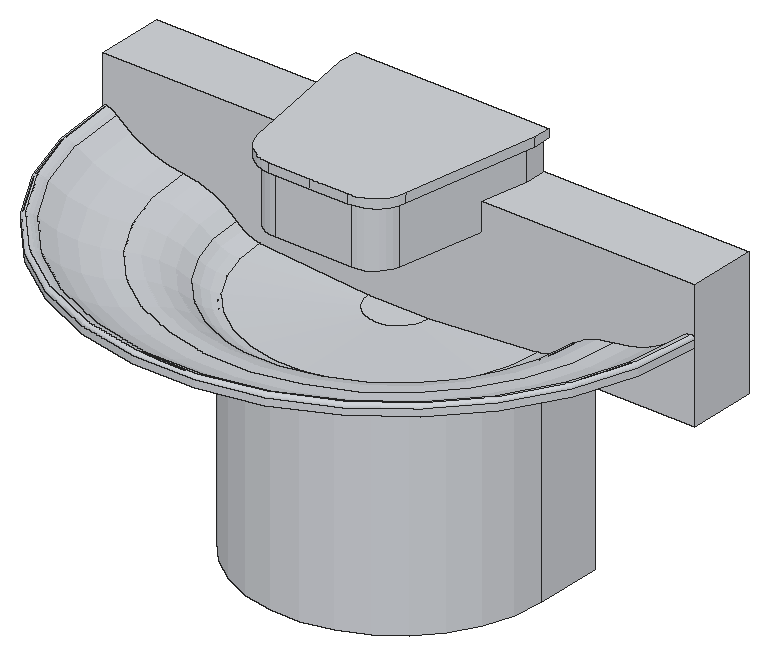
Revit family "Washfountain_Willoughby-WWF-4203-WALL", category Plumbing Fixtures, Revit 2015
Parameters
  URL = "https://www.willoughby-ind.com/wp-content/uploads/2018/01/WWF-4204.pdf"
  Revision = "A"
  Model = "WWF-4203-WALL"
  Manufacturer = "Willoughby Industries"
  Description = "3 Station Half Round 42\" Stainless Steel, Deep Bowl Washfountain"
  Contact Info = "(800) 428-4065"
Reference planes (in)
  plane 1 "Center (Front/Back)": y = 0
  plane 2: z = 0
  plane 3 "Center (Left/Right)": x = 0
Forms (in)
  Extrusion 1, solid
    sketch origin (0, 0, 24) x (1, 0, 0) y (0, 0, 1)
      loop
        line (-21, 22) -> (-21, 13) -> (21, 13) -> (21, 22) -> (-21, 22)
    from 0 to 4.75
  Revolve 2, solid
    sketch origin (0, 0, 24) x (0, 1, 0) y (0, 0, 1)
      loop
        line (-25.75, 18) -> (-25.645, 18) -> (-25.645, 18.5)
        arc (-25.645, 18.5) -> (-25.58946, 18.6144) -> (-25.4652, 18.64105) r 0.145
        arc (-25.4652, 18.64105) -> (-25.14236, 18.51684) -> (-24.86, 18.317) r 1.395
        arc (-24.86, 18.317) -> (-22.61273, 16.86456) -> (-20.015, 16.223) r 8.105
        arc (-20.015, 16.223) -> (-18.03072, 15.71473) -> (-16.34015, 14.55814) r 5.895
        arc (-16.34015, 14.55814) -> (-15.55, 13.99657) -> (-14.62519, 13.70603) r 3.105
        arc (-14.62519, 13.70603) -> (-10.76816, 13.27715) -> (-6.89, 13.134) r 52.566
        line (-6.89, 13.134) -> (-4.75, 13.134) -> (-4.75, 13.23892) -> (-6.89891, 13.23892)
        arc (-6.89891, 13.23892) -> (-10.76924, 13.38189) -> (-14.61847, 13.80999) r 52.461
        arc (-14.61847, 13.80999) -> (-15.51174, 14.0906) -> (-16.275, 14.63292) r 3
        arc (-16.275, 14.63292) -> (-17.99549, 15.81032) -> (-20.015, 16.32792) r 6
        arc (-20.015, 16.32792) -> (-22.58032, 16.9611) -> (-24.79922, 18.3952) r 8
        arc (-24.79922, 18.3952) -> (-25.10242, 18.60963) -> (-25.449, 18.743) r 1.5
        arc (-25.449, 18.743) -> (-25.65705, 18.69278) -> (-25.75, 18.5) r 0.25
        line (-25.75, 18.5) -> (-25.75, 18)
      axis (-4.75, 13.134) -> (-4.75, 18.743)
    angle from -90 to 90
  Revolve 3, solid
    sketch origin (0, 0, 0) x (0, 1, 0) y (0, 0, 1)
      loop
        line (-4.75, 37.134) -> (-6.891, 37.134)
        arc (-6.891, 37.134) -> (-10.76906, 37.27719) -> (-14.626, 37.706) r 52.58515
        arc (-14.626, 37.706) -> (-14.75098, 37.7272) -> (-14.875, 37.75349) r 3.10529
        line (-14.875, 37.75349) -> (-14.875, 22) -> (-4.75, 22) -> (-4.75, 37.134)
      axis (-4.75, 37.75349) -> (-4.75, 22)
    angle from -90 to 90
  Extrusion 4, solid
    sketch origin (0, 0, 0) x (1, 0, 0) y (0, 0, 1)
      loop
        line (10.125, 22) -> (10.125, 37) -> (-10.125, 37) -> (-10.125, 22) -> (10.125, 22)
    from 0 to 4.75
  Extrusion 5, solid
    sketch origin (0, 0, 0) x (1, 0, 0) y (0, 1, 0)
      loop
        line (0, 0) -> (-6.435, 0) -> (-6.435, -1.41) -> (-4.76251, -10.59501)
        arc (-4.76251, -10.59501) -> (-4.04002, -11.82218) -> (-2.695, -12.29) r 2.06528
        line (-2.695, -12.29) -> (2.695, -12.29)
        arc (2.695, -12.29) -> (4.04002, -11.82218) -> (4.76251, -10.59501) r 2.06528
        line (4.76251, -10.59501) -> (6.435, -1.41) -> (6.435, 0) -> (0, 0)
    from 44.01953 to 48.26953
  Extrusion 6, solid
    sketch origin (0, 0, 0) x (1, 0, 0) y (0, 1, 0)
      loop
        line (0, 0) -> (-6.875, 0) -> (-6.875, -1.28) -> (-5.255, -10.68)
        arc (-5.255, -10.68) -> (-4.40317, -12.16441) -> (-2.795, -12.75) r 2.49349
        line (-2.795, -12.75) -> (0, -12.75) -> (2.795, -12.75)
        arc (2.795, -12.75) -> (4.40317, -12.16441) -> (5.255, -10.68) r 2.49349
        line (5.255, -10.68) -> (6.875, -1.28) -> (6.875, 0) -> (0, 0)
    from 48.26953 to 48.89453
  Extrusion 7, solid
    sketch origin (0, 0, 0) x (1, 0, 0) y (0, 0, 1)
      loop
        circle (0, 32.75) r 0.75
      loop
        circle (5, 28.75) r 0.25
      loop
        circle (2, 28.75) r 0.25
    from -0.125 to 1
Dimensions and locks (in)
  aligned and locked: level to plane 2
  aligned and locked: Revolve 3 sketch curve to Revolve 3 sketch curve  (x2)
  aligned and locked: Extrusion 4 sketch curve to Revolve 3  (x2)
  aligned and locked: Revolve 3 to Extrusion 4 sketch curve
  aligned and locked: Extrusion 1 to Extrusion 4 sketch curve
Connectors (in)
  piping at (2, 0.125, 28.75), diameter 0.5
    settings: on Extrusion 7, index 1, connector inside diameter 24", connector length 0' - 0", flow factor 0, pipe flow 0 GPM, pressure drop 0.00 psi, fitting loss kfactor 0, connector angle 0.00°, fixture units 0, engagement length 0' - 0", angle of deflection 0.00°, flow configuration 0, flow direction 0, fitting loss method 0, system type 20, joint type 0, gender type 0, connector reference index -1, connector utility 0, adjustable connector no, is connector primary yes, connector description ""
  piping at (5, 0.125, 28.75), diameter 0.5
    settings: on Extrusion 7, index 2, connector inside diameter 24", connector length 0' - 0", flow factor 0, pipe flow 0 GPM, pressure drop 0.00 psi, fitting loss kfactor 0, connector angle 0.00°, fixture units 0, engagement length 0' - 0", angle of deflection 0.00°, flow configuration 0, flow direction 0, fitting loss method 0, system type 19, joint type 0, gender type 0, connector reference index -1, connector utility 0, adjustable connector no, is connector primary no, connector description ""
  piping at (0, 0.125, 32.75), diameter 1.5
    settings: on Extrusion 7, index 3, connector inside diameter 24", connector length 0' - 0", flow factor 0, pipe flow 0 GPM, pressure drop 0.00 psi, fitting loss kfactor 0, connector angle 0.00°, fixture units 0, engagement length 0' - 0", angle of deflection 0.00°, flow configuration 0, flow direction 0, fitting loss method 0, system type 7, joint type 0, gender type 0, connector reference index -1, connector utility 0, adjustable connector no, is connector primary no, connector description ""
